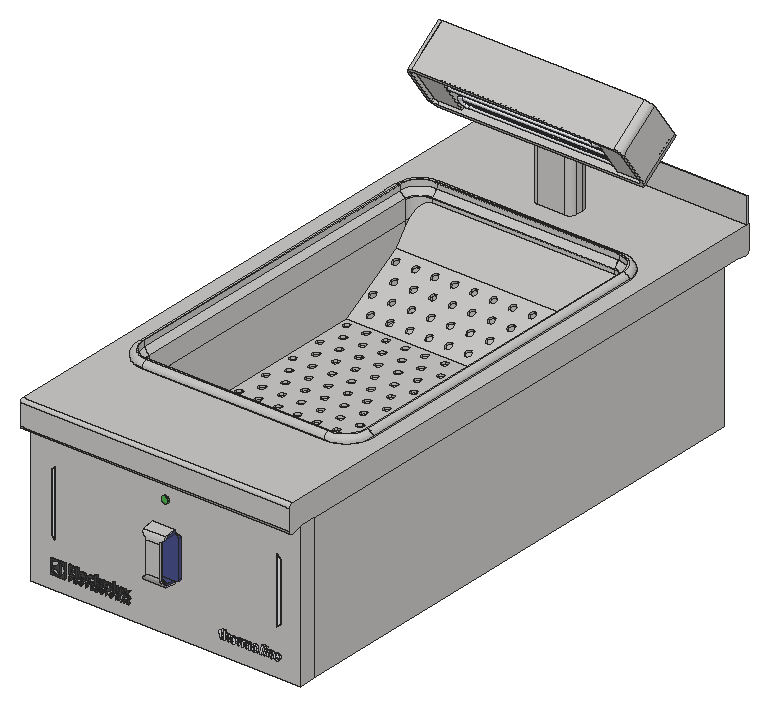
Revit family "QF_ELECTROLUXPROFESSIONAL_588556_MBYABBDOBO", category Attrezzature speciali, Revit 2020 (continued)
Lines and regions (mm)
  symbolic lines
    curve 367: circle (98.5, -488.15, 0) r 5 normal (0, 0, 1)
    curve 368: circle (127.5, -488.15, 0) r 5 normal (0, 0, 1)
    curve 369: circle (156.5, -488.15, 0) r 5 normal (0, 0, 1)
    curve 370: circle (185.5, -488.15, 0) r 5 normal (0, 0, 1)
    curve 371: circle (330.5, -488.15, 0) r 5 normal (0, 0, -1)
    curve 372: circle (301.5, -488.15, 0) r 5 normal (0, 0, -1)
    curve 373: circle (272.5, -488.15, 0) r 5 normal (0, 0, -1)
    curve 374: circle (243.5, -488.15, 0) r 5 normal (0, 0, -1)
    curve 375: circle (214.5, -488.15, 0) r 5 normal (0, 0, -1)
    curve 376: circle (55, -513.15, 0) r 5 normal (0, 0, 1)
    curve 377: circle (84, -513.15, 0) r 5 normal (0, 0, 1)
    curve 378: circle (113, -513.15, 0) r 5 normal (0, 0, 1)
    curve 379: circle (142, -513.15, 0) r 5 normal (0, 0, 1)
    curve 380: circle (171, -513.15, 0) r 5 normal (0, 0, 1)
    curve 381: circle (200, -513.15, 0) r 5 normal (0, 0, 1)
    curve 382: circle (345, -513.15, 0) r 5 normal (0, 0, -1)
    curve 383: circle (316, -513.15, 0) r 5 normal (0, 0, -1)
    curve 384: circle (287, -513.15, 0) r 5 normal (0, 0, -1)
    curve 385: circle (258, -513.15, 0) r 5 normal (0, 0, -1)
    curve 386: circle (229, -513.15, 0) r 5 normal (0, 0, -1)
    curve 387: circle (69.5, -538.15, 0) r 5 normal (0, 0, 1)
    curve 388: circle (98.5, -538.15, 0) r 5 normal (0, 0, 1)
    curve 389: circle (127.5, -538.15, 0) r 5 normal (0, 0, 1)
    curve 390: circle (156.5, -538.15, 0) r 5 normal (0, 0, 1)
    curve 391: circle (185.5, -538.15, 0) r 5 normal (0, 0, 1)
    curve 392: circle (330.5, -538.15, 0) r 5 normal (0, 0, -1)
    curve 393: circle (301.5, -538.15, 0) r 5 normal (0, 0, -1)
    curve 394: circle (272.5, -538.15, 0) r 5 normal (0, 0, -1)
    curve 395: circle (243.5, -538.15, 0) r 5 normal (0, 0, -1)
    curve 396: circle (214.5, -538.15, 0) r 5 normal (0, 0, -1)
Dimensions and locks
  plane 3 "LEFT" to plane 4 "RIGHT" = 400 mm
  locked: plane 5 "FRONT" to plane 1 "BACK" at 850
  plane 3 "LEFT" to plane 7 "Center (Left/Right)" to plane 4 "RIGHT" = 200 mm, 200 mm
  equal spacing: plane 5 "FRONT", plane 8, plane 1 "BACK"
  plane 6 "TOP" to level = 900 mm  (x2)
  plane 1 "BACK" to plane 9 = 150 mm
  plane 12 "EIY" to plane 1 "BACK" = 635 mm
  plane 13 to plane 6 "TOP" = 38 mm
  plane 10 to plane 1 "BACK" = 65 mm
  plane 5 "FRONT" to plane 11 = 60 mm
  locked: plane 6 "TOP" to plane 14 "BaseTop" at 250
  locked: plane 15 to plane 5 "FRONT" at 45
  plane 16 "Camino" to plane 1 "BACK" = 50 mm
  plane 17 "EIx" to plane 4 "RIGHT" = 45 mm
  plane 18 to plane 6 "TOP" = 204 mm
  aligned and locked: level to plane 2
  aligned and locked: cut or joined group of Extrusion 2, Extrusion 3, Extrusion 7, Extrusion 8 to plane 3 "LEFT"
  aligned and locked: cut or joined group of Extrusion 2, Extrusion 3, Extrusion 7, Extrusion 8 to plane 4 "RIGHT"
  aligned and locked: nested 1 to plane 15
  aligned and locked: Extrusion 1 to plane 15
  aligned and locked: Extrusion 4 to plane 3 "LEFT"
  aligned and locked: Extrusion 4 to plane 4 "RIGHT"
  aligned and locked: plane 3 "LEFT" to nested 1
Automatic sketch dimensions
  Extrusion 2 sketch curve to plane 5 "FRONT" = 0 mm
  Extrusion 2 sketch curve to plane 6 "TOP" = 0 mm
  Extrusion 2 sketch curve to plane 1 "BACK" = 0 mm
  Extrusion 2 sketch curve to Extrusion 2 sketch curve = 4 mm
  Extrusion 2 sketch curve to Extrusion 2 sketch curve = 0.695 mm
  Extrusion 2 sketch curve to plane 5 "FRONT" = 5 mm
  Extrusion 2 sketch curve to Extrusion 2 sketch curve = 15.305 mm
  plane 1 "BACK" to Extrusion 2 sketch curve = 20 mm
  plane 1 "BACK" to Extrusion 2 sketch curve = 4.695 mm
  plane 1 "BACK" to Extrusion 2 sketch curve = 4 mm
  Extrusion 2 sketch curve to Extrusion 2 sketch curve = 31 mm
  Extrusion 2 sketch curve to Extrusion 2 sketch curve = 36 mm
  Extrusion 2 sketch curve to Extrusion 2 sketch curve = 2.909 mm
  Extrusion 4 sketch curve to plane 6 "TOP" = 0 mm
  Extrusion 4 sketch curve to plane 13 = 0 mm
  Extrusion 4 sketch curve to plane 1 "BACK" = 0 mm
  Extrusion 4 sketch curve to Extrusion 4 sketch curve = 2 mm
  plane 21 "Serpentine" to Extrusion 22 sketch curve = 0 mm  (x4)
  Extrusion 22 sketch curve to plane 18 = 11.852 mm
  Extrusion 22 sketch curve to plane 18 = 18.405 mm
  Extrusion 22 sketch curve to plane 18 = 11.154 mm
  Extrusion 22 sketch curve to Extrusion 22 sketch curve = 3.381 mm  (x2)
  Extrusion 22 sketch curve to plane 18 = 28.235 mm
  Extrusion 22 sketch curve to plane 18 = 34.788 mm
  Extrusion 22 sketch curve to Extrusion 22 sketch curve = 7.25 mm
  plane 21 "Serpentine" to Extrusion 23 sketch curve = 0 mm  (x4)
  Extrusion 23 sketch curve to plane 18 = 11.852 mm
  Extrusion 23 sketch curve to plane 18 = 18.405 mm
  Extrusion 23 sketch curve to plane 18 = 11.154 mm
  Extrusion 23 sketch curve to Extrusion 23 sketch curve = 3.381 mm  (x2)
  Extrusion 23 sketch curve to plane 18 = 28.235 mm
  Extrusion 23 sketch curve to plane 18 = 34.788 mm
  Extrusion 23 sketch curve to Extrusion 23 sketch curve = 7.25 mm
  plane 21 "Serpentine" to Extrusion 24 sketch curve = 0 mm  (x4)
  Extrusion 24 sketch curve to plane 18 = 11.852 mm
  Extrusion 24 sketch curve to plane 18 = 18.405 mm
  Extrusion 24 sketch curve to plane 18 = 11.154 mm
  Extrusion 24 sketch curve to Extrusion 24 sketch curve = 3.381 mm  (x2)
  Extrusion 24 sketch curve to plane 18 = 28.235 mm
  Extrusion 24 sketch curve to plane 18 = 34.788 mm
  Extrusion 24 sketch curve to Extrusion 24 sketch curve = 7.25 mm
  curve 40 to curve 51 = 0 mm  (x2)
  curve 43 to curve 52 = 0 mm  (x2)
  curve 59 to curve 60 = 0 mm  (x2)
  curve 5 to plane 3 "LEFT" = 0 mm
  curve 5 to plane 4 "RIGHT" = 0 mm
  curve 37 to curve 36 = 9.723 mm
  plane 10 to curve 8 = 21.455 mm
  curve 36 to curve 38 = 8.167 mm
  curve 38 to curve 33 = 7.111 mm
  curve 8 to curve 6 = 10 mm
  curve 9 to curve 10 = 10 mm
  curve 32 to curve 58 = 4.028 mm
  curve 38 to curve 49 = 22.111 mm
  curve 58 to curve 60 = 0.972 mm
  curve 51 to curve 39 = 0.067 mm
  curve 9 to curve 15 = 28 mm
  curve 14 to plane 7 "Center (Left/Right)" = 46 mm
  curve 14 to curve 20 = 8 mm
  plane 7 "Center (Left/Right)" to curve 23 = 38 mm
  curve 24 to curve 29 = 8 mm
  curve 31 to plane 17 "EIx" = 33 mm
  curve 56 to plane 17 "EIx" = 20.001 mm
  curve 50 to plane 17 "EIx" = 20 mm
  curve 56 to curve 55 = 0.001 mm
  curve 43 to curve 41 = 0.11 mm
  curve 55 to curve 57 = 0.972 mm
  curve 6 to plane 17 "EIx" = 5 mm
  curve 10 to plane 17 "EIx" = 5 mm
  curve 33 to plane 17 "EIx" = 5 mm
  plane 17 "EIx" to curve 46 = 1.886 mm
  plane 17 "EIx" to curve 12 = 5 mm
  curve 46 to curve 45 = 8.391 mm
  curve 50 to plane 12 "EIY" = 70 mm
  curve 43 to curve 41 = 7.998 mm
  curve 46 to plane 9 = 41.314 mm
  curve 59 to plane 9 = 40 mm
  curve 37 to curve 59 = 0 mm
  curve 56 to curve 57 = 1.314 mm
  curve 56 to curve 45 = 1.314 mm
  curve 60 to curve 33 = 3.186 mm
  curve 8 to curve 59 = 8.158 mm
  curve 12 to curve 55 = 8.158 mm
  plane 9 to curve 10 = 20.527 mm
  curve 10 to curve 12 = 5.736 mm
  plane 9 to curve 25 = 28.825 mm
  curve 11 to curve 29 = 2.563 mm
  plane 9 to curve 14 = 28.825 mm
  curve 29 to curve 31 = 19.441 mm
  curve 14 to curve 15 = 19.441 mm
  curve 18 to curve 23 = 0 mm
  plane 10 to curve 35 = 21.455 mm
  curve 7 to curve 6 = 5.736 mm
  curve 38 to curve 60 = 0.115 mm
  plane 17 "EIx" to curve 56 = 1.045 mm
  curve 47 to plane 12 "EIY" = 6.837 mm
  curve 38 to curve 60 = 0 mm
  curve 9 to curve 9 = 5.736 mm
  curve 24 to curve 21 = 7.97 mm
  curve 14 to curve 16 = 7.97 mm
  curve 26 to curve 30 = 7.97 mm
  curve 21 to curve 22 = 3.502 mm
  curve 30 to curve 27 = 3.502 mm
  curve 16 to curve 17 = 3.502 mm
  plane 1 "BACK" to curve 5 = 2 mm
  Extrusion 1 sketch curve to plane 4 "RIGHT" = 0 mm
  Extrusion 1 sketch curve to plane 3 "LEFT" = 0 mm
  Extrusion 1 sketch curve to plane 15 = 0 mm
  Extrusion 1 sketch curve to plane 16 "Camino" = 5 mm
  plane 1 "BACK" to curve 1 = 0 mm
  curve 1 to plane 4 "RIGHT" = 0 mm
  curve 3 to plane 3 "LEFT" = 0 mm
  plane 5 "FRONT" to curve 3 = 0 mm
  plane 17 "EIx" to Extrusion 3 sketch curve = 2.043 mm
  Extrusion 3 sketch curve to plane 17 "EIx" = 20 mm  (x2)
  Extrusion 3 sketch curve to plane 9 = 17.957 mm
  plane 3 "LEFT" to Extrusion 3 sketch curve = 65 mm  (x2)
  Extrusion 3 sketch curve to plane 12 "EIY" = 30 mm
  Extrusion 3 sketch curve to Extrusion 3 sketch curve = 22.043 mm
  Extrusion 5 sketch curve to plane 12 "EIY" = 0 mm
  Extrusion 5 sketch curve to plane 17 "EIx" = 0 mm
  Sweep 6 sketch curve to plane 9 = 0 mm
  plane 17 "EIx" to Sweep 6 sketch curve = 20 mm
  Sweep 6 sketch curve to plane 17 "EIx" = 20 mm  (x2)
  plane 3 "LEFT" to Sweep 6 sketch curve = 65 mm  (x2)
  plane 3 "LEFT" to Sweep 6 sketch curve = 25 mm
  Sweep 6 sketch curve to plane 12 "EIY" = 30 mm
  Sweep 6 sketch curve to plane 6 "TOP" = 0 mm  (x2)
  profile plane to Sweep 6 sketch curve = 0 mm
  plane 6 "TOP" to Sweep 6 sketch curve = 8 mm
  Sweep 6 sketch curve to Sweep 6 sketch curve = 1.723 mm
  Sweep 6 sketch curve to Sweep 6 sketch curve = 8.282 mm
  Sweep 6 sketch curve to plane 6 "TOP" = 8.282 mm
  plane 17 "EIx" to Extrusion 7 sketch curve = 2.043 mm
  Extrusion 7 sketch curve to plane 17 "EIx" = 20 mm  (x2)
  Extrusion 7 sketch curve to plane 12 "EIY" = 30 mm
  plane 3 "LEFT" to Extrusion 7 sketch curve = 65 mm  (x2)
  Extrusion 7 sketch curve to plane 9 = 17.957 mm
  Extrusion 7 sketch curve to Extrusion 7 sketch curve = 22.043 mm
  plane 17 "EIx" to Extrusion 8 sketch curve = 12 mm
  Extrusion 8 sketch curve to plane 9 = 8 mm
  Extrusion 8 sketch curve to plane 17 "EIx" = 20 mm  (x2)
  plane 3 "LEFT" to Extrusion 8 sketch curve = 65 mm  (x2)
  Extrusion 8 sketch curve to Extrusion 8 sketch curve = 32 mm
  Extrusion 8 sketch curve to plane 12 "EIY" = 30 mm
  Extrusion 9 sketch curve to plane 19 "Fondo" = 0 mm
  Extrusion 9 sketch curve to plane 20 "Angle1" = 0 mm  (x2)
  plane 12 "EIY" to Extrusion 9 sketch curve = 84.744 mm
  Extrusion 9 sketch curve to plane 19 "Fondo" = 2 mm
  Extrusion 9 sketch curve to Extrusion 9 sketch curve = 0.536 mm  (x2)
  Extrusion 9 sketch curve to plane 12 "EIY" = 6.837 mm
  Extrusion 9 sketch curve to Extrusion 9 sketch curve = 1.337 mm  (x2)
  Extrusion 9 sketch curve to plane 6 "TOP" = 8.282 mm
  Extrusion 9 sketch curve to plane 12 "EIY" = 52.043 mm
  plane 19 "Fondo" to Extrusion 9 sketch curve = 53.072 mm
  Extrusion 9 sketch curve to plane 9 = 17.957 mm
  plane 19 "Fondo" to Extrusion 9 sketch curve = 51.337 mm
  Extrusion 9 sketch curve to Extrusion 9 sketch curve = 1.538 mm  (x2)
  Extrusion 9 sketch curve to plane 6 "TOP" = 18.171 mm
  Extrusion 9 sketch curve to Extrusion 9 sketch curve = 3.249 mm  (x2)
  Extrusion 10 sketch curve to plane 7 "Center (Left/Right)" = 0 mm  (x5)
  plane 7 "Center (Left/Right)" to Extrusion 10 sketch curve = 14.5 mm  (x5)
  plane 8 to Extrusion 10 sketch curve = 11.85 mm  (x11)
  Extrusion 10 sketch curve to Extrusion 10 sketch curve = 14.5 mm  (x80)
  Extrusion 10 sketch curve to plane 8 = 13.15 mm  (x10)
  Extrusion 10 sketch curve to plane 17 "EIx" = 24.5 mm  (x5)
  Extrusion 10 sketch curve to plane 17 "EIx" = 10 mm  (x5)
  Extrusion 10 sketch curve to plane 7 "Center (Left/Right)" = 14.5 mm  (x5)
  Extrusion 10 sketch curve to Extrusion 10 sketch curve = 25 mm  (x84)
  Extrusion 11 sketch curve to plane 7 "Center (Left/Right)" = 0 mm  (x2)
  plane 7 "Center (Left/Right)" to Extrusion 11 sketch curve = 14.5 mm  (x2)
  Extrusion 11 sketch curve to Extrusion 11 sketch curve = 14.5 mm  (x32)
  Extrusion 11 sketch curve to plane 17 "EIx" = 24.5 mm  (x2)
  Extrusion 11 sketch curve to plane 17 "EIx" = 10 mm  (x2)
  Extrusion 11 sketch curve to plane 7 "Center (Left/Right)" = 14.5 mm  (x2)
  Extrusion 11 sketch curve to Extrusion 11 sketch curve = 0 mm  (x10)
  Extrusion 11 sketch curve to Extrusion 11 sketch curve = 25 mm  (x31)
  Extrusion 12 sketch curve to plane 7 "Center (Left/Right)" = 0 mm  (x2)
  plane 7 "Center (Left/Right)" to Extrusion 12 sketch curve = 14.5 mm  (x2)
  Extrusion 12 sketch curve to Extrusion 12 sketch curve = 14.5 mm  (x32)
  Extrusion 12 sketch curve to plane 17 "EIx" = 24.5 mm  (x2)
  Extrusion 12 sketch curve to plane 17 "EIx" = 10 mm  (x2)
  Extrusion 12 sketch curve to plane 7 "Center (Left/Right)" = 14.5 mm  (x2)
  Extrusion 12 sketch curve to Extrusion 12 sketch curve = 0 mm  (x9)
  Extrusion 12 sketch curve to Extrusion 12 sketch curve = 25 mm  (x32)
  plane 7 "Center (Left/Right)" to Extrusion 13 sketch curve = 30 mm
  Extrusion 13 sketch curve to Extrusion 13 sketch curve = 10 mm  (x4)
  Extrusion 13 sketch curve to plane 7 "Center (Left/Right)" = 20 mm
  Extrusion 13 sketch curve to Extrusion 13 sketch curve = 0 mm
  plane 10 to Extrusion 13 sketch curve = 19.995 mm
  Extrusion 14 sketch curve to Extrusion 14 sketch curve = 0 mm  (x8)
  plane 22 "Serpentine90" to Extrusion 14 sketch curve = 0 mm
  Extrusion 14 sketch curve to plane 22 "Serpentine90" = 4 mm
  Extrusion 14 sketch curve to Extrusion 14 sketch curve = 6 mm  (x3)
  plane 3 "LEFT" to Extrusion 14 sketch curve = 50 mm
  Extrusion 14 sketch curve to Extrusion 14 sketch curve = 65 mm  (x2)
  Extrusion 14 sketch curve to plane 17 "EIx" = 5 mm
  Extrusion 15 sketch curve to plane 17 "EIx" = 39 mm
  Extrusion 15 sketch curve to plane 22 "Serpentine90" = 81 mm  (x2)
  Extrusion 15 sketch curve to Extrusion 15 sketch curve = 6 mm  (x2)
  Extrusion 15 sketch curve to plane 22 "Serpentine90" = 10 mm  (x2)
  Extrusion 15 sketch curve to plane 22 "Serpentine90" = 4 mm  (x2)
  plane 3 "LEFT" to Extrusion 15 sketch curve = 84 mm
  Extrusion 15 sketch curve to Extrusion 15 sketch curve = 34 mm
  Extrusion 15 sketch curve to plane 17 "EIx" = 5 mm
  plane 22 "Serpentine90" to Extrusion 16 sketch curve = 0 mm  (x2)
  plane 9 to Extrusion 16 sketch curve = 33.669 mm
  plane 10 to Extrusion 16 sketch curve = 19.377 mm
  Extrusion 17 sketch curve to Extrusion 17 sketch curve = 0 mm  (x8)
  plane 22 "Serpentine90" to Extrusion 17 sketch curve = 0 mm
  Extrusion 17 sketch curve to plane 22 "Serpentine90" = 4 mm
  Extrusion 17 sketch curve to Extrusion 17 sketch curve = 6 mm  (x3)
  plane 3 "LEFT" to Extrusion 17 sketch curve = 50 mm
  Extrusion 17 sketch curve to Extrusion 17 sketch curve = 65 mm  (x2)
  Extrusion 17 sketch curve to plane 17 "EIx" = 5 mm
  plane 3 "LEFT" to Extrusion 18 sketch curve = 50 mm
  Extrusion 18 sketch curve to plane 22 "Serpentine90" = 81 mm
  Extrusion 18 sketch curve to Extrusion 18 sketch curve = 6 mm  (x2)
  plane 17 "EIx" to Extrusion 18 sketch curve = 1 mm
  Extrusion 18 sketch curve to plane 22 "Serpentine90" = 10 mm  (x2)
  Extrusion 18 sketch curve to plane 22 "Serpentine90" = 4 mm
  Extrusion 19 sketch curve to Extrusion 19 sketch curve = 0 mm  (x8)
  plane 22 "Serpentine90" to Extrusion 19 sketch curve = 0 mm
  Extrusion 19 sketch curve to plane 22 "Serpentine90" = 4 mm
  Extrusion 19 sketch curve to Extrusion 19 sketch curve = 6 mm  (x3)
  plane 3 "LEFT" to Extrusion 19 sketch curve = 50 mm
  Extrusion 19 sketch curve to Extrusion 19 sketch curve = 65 mm  (x2)
  Extrusion 19 sketch curve to plane 17 "EIx" = 5 mm
  Sweep 20 sketch curve to plane 22 "Serpentine90" = 72.123 mm
  Sweep 20 sketch curve to Sweep 20 sketch curve = 10 mm
  Sweep 20 sketch curve to plane 17 "EIx" = 56 mm
  plane 3 "LEFT" to Sweep 20 sketch curve = 84 mm
  Sweep 20 sketch curve to Sweep 20 sketch curve = 0 mm
  profile plane to Sweep 20 sketch curve = 0 mm
  plane 21 "Serpentine" to Sweep 20 sketch curve = 61.931 mm
  Sweep 21 sketch curve to plane 22 "Serpentine90" = 37.123 mm
  Sweep 21 sketch curve to Sweep 21 sketch curve = 10 mm
  Sweep 21 sketch curve to plane 7 "Center (Left/Right)" = 99 mm
  Sweep 21 sketch curve to plane 17 "EIx" = 39 mm
  Sweep 21 sketch curve to Sweep 21 sketch curve = 0 mm
  Sweep 21 sketch curve to profile plane = 0 mm
  profile plane to Sweep 21 sketch curve = 59.479 mm
  curve 37 to curve 32 = 15 mm
  curve 54 to curve 38 = 17.82 mm
  plane 12 "EIY" to curve 48 = 84.744 mm
  plane 3 "LEFT" to curve 37 = 25 mm
  curve 53 to curve 54 = 91.924 mm
  radius of Extrusion 5 sketch curve = 10.1 mm
  radius of Extrusion 10 sketch curve = 5 mm  (x105)
  radius of Extrusion 11 sketch curve = 5 mm  (x42)
  radius of Extrusion 12 sketch curve = 5 mm  (x42)
  radius of Sweep 20 sketch curve = 2.5 mm
  radius of Sweep 21 sketch curve = 2.5 mm
Nested families
  nested 1: "Front_Panel_W400_One Knob_1SpiaCenter" at (52.376, -805, 0), type "Front_Panel_W400_One Knob_1SpiaCenter"
Connectors
  electrical at (355, -635, 640), driven by "Volts"
    settings: on Extrusion 5, index 1, voltage 230 V, apparent load 0 VA, apparent load phase1 0 VA, apparent load phase2 0 VA, apparent load phase3 0 VA, power factor 1, load classification "Other", number of poles 1, system type 30, power factor state 1, is connector primary yes, connector utility no, sub classification motor no, connector description "Electrical Connection"
Definition of nested family "Front_Panel_W400_One Knob_1SpiaCenter"
  Parameters
    Default Elevation = 0 mm
  Reference planes
    plane 1 "Center (Front/Back)": y = 0
    plane 2: z = 0
    plane 3 "Center (Left/Right)": x = 147.624
    plane 4 "Left": x = -52.376
    plane 5 "Right": x = 347.624
    plane 6: y = -45
    plane 7 "Panel": y = -25
    plane 8: x = 317.624
    plane 9: x = -22.376
  Forms (mm)
    Extrusion 1, solid
      sketch origin (833.217, 829.203, -1.25) x (0, 1, 0) y (0, 0, 1)
        loop
          line (-854.203, 651.25) -> (-829.203, 651.25) -> (-829.203, 864.25) -> (-854.203, 864.25) -> (-854.203, 651.25)
      from -885.593 to -485.593
    Extrusion 2, solid
      sketch origin (181.586, -25, 1.163) x (0, 0, 1) y (-1, 0, 0)
        loop
          circle (827.42, 33.961) r 5
      from 0 to 1.7
    Extrusion 3, solid
      sketch origin (0, -25, -10) x (0, 0, 1) y (-1, 0, 0)
        loop
          line (726.866, -312.624) -> (731.866, -317.624) -> (818.866, -317.624) -> (823.866, -312.624) -> (726.866, -312.624)
        loop
          line (726.866, 17.376) -> (823.866, 17.376) -> (818.866, 22.376) -> (731.866, 22.376) -> (726.866, 17.376)
      from 0 to -2
    Extrusion 4, void
      sketch origin (0, -25, -10) x (0, 0, 1) y (-1, 0, 0)
        loop
          line (726.866, -312.624) -> (731.866, -317.624) -> (818.866, -317.624) -> (823.866, -312.624) -> (726.866, -312.624)
        loop
          line (726.866, 17.376) -> (823.866, 17.376) -> (818.866, 22.376) -> (731.866, 22.376) -> (726.866, 17.376)
      from 0 to -2
  Cuts and joins
    Extrusion 4 cuts Extrusion 1
  Dimensions and locks
    equal spacing: plane 5 "Right", plane 3 "Center (Left/Right)", plane 4 "Left"
    plane 5 "Right" to plane 4 "Left" = 400 mm
    plane 9 to plane 4 "Left" = 30 mm
    plane 5 "Right" to plane 8 = 30 mm
    aligned and locked: cut or joined group of Extrusion 1, Extrusion 4 to plane 4 "Left"
    aligned and locked: plane 5 "Right" to cut or joined group of Extrusion 1, Extrusion 4
  Automatic sketch dimensions
    Extrusion 1 sketch curve to plane 7 "Panel" = 0 mm
    Extrusion 1 sketch curve to plane 1 "Center (Front/Back)" = 0 mm
    level to Extrusion 1 sketch curve = 650 mm
    Extrusion 1 sketch curve to Extrusion 1 sketch curve = 213 mm
    Extrusion 2 sketch curve to plane 3 "Center (Left/Right)" = 0 mm
    level to Extrusion 2 sketch curve = 828.582 mm
    Extrusion 3 sketch curve to plane 8 = 0 mm
    Extrusion 3 sketch curve to plane 9 = 0 mm
    Extrusion 3 sketch curve to plane 8 = 5 mm
    level to Extrusion 3 sketch curve = 716.866 mm
    plane 9 to Extrusion 3 sketch curve = 5 mm
    Extrusion 3 sketch curve to Extrusion 3 sketch curve = 0 mm
    Extrusion 3 sketch curve to Extrusion 3 sketch curve = 5 mm  (x4)
    Extrusion 3 sketch curve to Extrusion 3 sketch curve = 87 mm  (x2)
    Extrusion 4 sketch curve to plane 8 = 0 mm
    Extrusion 4 sketch curve to plane 9 = 0 mm
    Extrusion 4 sketch curve to plane 8 = 5 mm
    level to Extrusion 4 sketch curve = 716.866 mm
    plane 9 to Extrusion 4 sketch curve = 5 mm
    Extrusion 4 sketch curve to Extrusion 4 sketch curve = 0 mm
    Extrusion 4 sketch curve to Extrusion 4 sketch curve = 5 mm  (x4)
    Extrusion 4 sketch curve to Extrusion 4 sketch curve = 87 mm  (x2)
    radius of Extrusion 2 sketch curve = 5 mm
  Nested families
    nested 1: "Range Control Handle" at (147.624, -28.137, -209.113) x (-1, 0, 0) z (0, 0, 1), type ""
    nested 2: "ELX_ThermaLine_Small" at (269.031, -25, 679.326) x (1, 0, 0) z (0, -1, 0), type "ELX_ThermaLine_Small"
      with Show Logo yes, Material_Logo none
    nested 3: "ELX_Professional_Logo_Small" at (37.11, -25, 681.559) x (1, 0, 0) z (0, -1, 0), type "ELX_Professional_Logo_Small"
      with Show Logo yes, Material_Logo none
  Definition of nested family "Range Control Handle"
    Parameters
      Default Elevation = 0 mm
    Reference planes
      plane 1 "Center (Front/Back)": y = 0
      plane 2: z = 0
      plane 3 "Center (Left/Right)": x = 0
      plane 4: z = 971.092
      plane 5: y = -16.9
    Forms (mm)
      Extrusion 1, solid
        sketch origin (-746.28, 380.497, 208.931) x (-1, 0, 0) y (0, 0, 1)
          loop
            line (-770.101, 786.798) -> (-770.101, 731.649)
            arc (-770.101, 731.649) -> (-769.759, 730.563) -> (-768.855, 729.87) r 1.893
            line (-768.855, 729.87) -> (-763.474, 727.911) -> (-729.81, 727.911) -> (-724.428, 729.87)
            arc (-724.428, 729.87) -> (-723.525, 730.563) -> (-723.183, 731.649) r 1.893
            line (-723.183, 731.649) -> (-723.183, 786.798)
            arc (-723.183, 786.798) -> (-723.529, 787.894) -> (-724.44, 788.593) r 1.91
            line (-724.44, 788.593) -> (-729.683, 790.819) -> (-763.601, 790.819) -> (-768.844, 788.593)
            arc (-768.844, 788.593) -> (-769.755, 787.894) -> (-770.101, 786.798) r 1.91
        from -382.35 to -378.852
      Sweep 2, solid
        path origin (-746.788, 380.496, 208.091) x (0, -1, 0) y (0, 0, 1)
          loop
            line (379.775, 793.281) -> (395.661, 791.048)
            arc (395.661, 791.048) -> (397.781, 787.377) -> (398.517, 783.202) r 12.207
            line (398.517, 783.202) -> (398.517, 737.368)
            arc (398.517, 737.368) -> (397.781, 733.193) -> (395.661, 729.522) r 12.207
            line (395.661, 729.522) -> (379.775, 727.289)
        profile origin (-746.788, -7.222, 1000.256) x (0, -0.139173, 0.990268) y (-1, 0, 0)
          loop
            line (0.782, -763.123) -> (0.782, -730.907) -> (-1.322, -730.907) -> (-1.322, -763.123) -> (0.782, -763.123)
      Sweep 3, solid
        path origin (-746.788, 380.715, 207.832) x (0, -1, 0) y (0, 0, 1)
          loop
            line (380.478, 795.442) -> (397.218, 793.09)
            arc (397.218, 793.09) -> (399.929, 788.473) -> (400.871, 783.202) r 15.207
            line (400.871, 783.202) -> (400.871, 737.584)
            arc (400.871, 737.584) -> (399.914, 732.274) -> (397.164, 727.633) r 15.207
            line (397.164, 727.633) -> (380.601, 725.305)
        profile origin (-746.788, -8.132, 1002.099) x (0, -0.139173, 0.990268) y (-1, 0, 0)
          loop
            line (0.782, -763.123) -> (0.782, -730.907) -> (-1.322, -730.907) -> (-1.322, -763.123) -> (0.782, -763.123)
      Extrusion 4, void
        sketch origin (889.253, 220.666, 207.993) x (1, 0, 0) y (0, 0, 1)
          loop
            line (-943.038, 816.854) -> (-943.038, 703.686) -> (-899.466, 734.196) -> (-899.466, 786.344) -> (-943.038, 816.854)
        from 230.636 to 242.25
      Extrusion 5, void
        sketch origin (-888.8, 220.666, 207.993) x (-1, 0, 0) y (0, 0, -1)
          loop
            line (-943.038, -816.854) -> (-899.466, -786.344) -> (-899.466, -734.196) -> (-943.038, -703.686) -> (-943.038, -816.854)
        from 230.636 to 242.25
      Extrusion 6, solid
        sketch origin (0, 0, 0) x (1, 0, 0) y (0, 0, 1)
          loop
            circle (0, 971.092) r 7.736
        from -3.137 to -1.645
    Cuts and joins
      Extrusion 4, Extrusion 5 cuts Sweep 3
      Extrusion 4, Extrusion 5 cuts Sweep 2
      joined: Extrusion 1, Extrusion 6
    Lines and regions (mm)
      symbolic lines
        curve 1: line (16.334, -16.9, 0) -> (16.334, -19.227, 0)
        curve 2: spline (16.334, -19.227, 0) -> (15.87, -19.385, 0) -> (15.404, -19.536, 0) -> (14.936, -19.678, 0) -> (14.466, -19.813, 0) -> (13.995, -19.94, 0) -> (13.523, -20.059, 0) -> (13.049, -20.171, 0) -> (12.575, -20.274, 0) -> (12.099, -20.37, 0) -> (11.622, -20.458, 0) -> (11.144, -20.537, 0) -> (10.666, -20.609, 0)
        curve 3: line (10.666, -16.9, 0) -> (10.666, -20.938, 0)
        curve 4: line (-10.213, -20.938, 0) -> (10.666, -20.938, 0)
        curve 5: line (-10.213, -20.938, 0) -> (-10.213, -16.9, 0)
        curve 6: spline (-10.213, -20.609, 0) -> (-10.691, -20.537, 0) -> (-11.169, -20.458, 0) -> (-11.646, -20.37, 0) -> (-12.122, -20.274, 0) -> (-12.597, -20.171, 0) -> (-13.07, -20.059, 0) -> (-13.542, -19.94, 0) -> (-14.013, -19.813, 0) -> (-14.483, -19.678, 0) -> (-14.951, -19.536, 0) -> (-15.417, -19.385, 0) -> (-15.881, -19.227, 0)
        curve 7: line (-15.881, -19.227, 0) -> (-15.881, -16.9, 0)
  Definition of nested family "ELX_ThermaLine_Small"
    Parameters
      Show Logo [instance] = yes
      Material_Logo [instance] = none
      Default Elevation = 0 mm
    Reference planes
      plane 1 "Centro (Fronte/Retro)": y = 0
      plane 2: z = 0
      plane 3 "Centro (Sinistra/Destra)": x = 0
    Forms (mm)
      Extrusion 1, solid
        sketch origin (0, 0, 0) x (1, 0, 0) y (0, 1, 0)
          loop
            line (-1219.2, 1219.2) -> (-1219.2, -1219.2) -> (1219.2, -1219.2) -> (1219.2, 1219.2) -> (-1219.2, 1219.2)
        from 0 to -304.8
      Extrusion 2, solid
        sketch origin (0, 0, 0) x (1, 0, 0) y (0, 1, 0)
          loop
            line (-37.494, 1.229) -> (-35.908, 1.229) -> (-35.908, 3.066) -> (-37.494, 3.066) -> (-37.494, 6.221) -> (-39.867, 4.881) -> (-39.867, 3.066) -> (-40.969, 3.066) -> (-40.969, 1.229) -> (-39.867, 1.229) -> (-39.867, -3.407)
            arc (-39.867, -3.407) -> (-38.982, -5.513) -> (-36.751, -6.001) r 2.478
            line (-36.751, -6.001) -> (-35.638, -5.7) -> (-35.9, -3.835) -> (-36.661, -4.039)
            arc (-36.661, -4.039) -> (-37.236, -3.924) -> (-37.494, -3.399) r 0.662
            line (-37.494, -3.399) -> (-37.494, 1.229)
          loop
            line (-34.242, 6.539) -> (-34.242, -5.848) -> (-31.854, -5.848) -> (-31.854, -0.078)
            arc (-31.854, -0.078) -> (-30.939, 1.249) -> (-29.33, 1.367) r 1.866
            arc (-29.33, 1.367) -> (-28.695, 0.768) -> (-28.461, -0.073) r 1.627
            line (-28.461, -0.073) -> (-28.461, -5.848) -> (-26.086, -5.848) -> (-26.064, -0.46)
            arc (-26.064, -0.46) -> (-26.261, 0.932) -> (-26.786, 2.237) r 5.825
            arc (-26.786, 2.237) -> (-29.381, 3.264) -> (-31.854, 1.971) r 3.353
            line (-31.854, 1.971) -> (-31.854, 6.539) -> (-34.242, 6.539)
          loop
            arc (-18.398, -0.598) -> (-18.893, 0.879) -> (-20.326, 1.487) r 1.897
            arc (-20.326, 1.487) -> (-21.461, 0.708) -> (-21.897, -0.598) r 2.164
            line (-21.897, -0.598) -> (-18.398, -0.598)
          loop
            arc (-16.021, -2.044) -> (-16.754, 1.227) -> (-19.444, 3.226) r 4.814
            arc (-19.444, 3.226) -> (-22.137, 2.788) -> (-23.943, 0.743) r 4.054
            arc (-23.943, 0.743) -> (-24.382, -1.249) -> (-24.162, -3.276) r 6.289
            arc (-24.162, -3.276) -> (-23.302, -4.71) -> (-21.958, -5.705) r 4.28
            arc (-21.958, -5.705) -> (-18.558, -5.814) -> (-16.152, -3.409) r 4.28
            line (-16.152, -3.409) -> (-18.5, -2.995)
            arc (-18.5, -2.995) -> (-19.273, -3.994) -> (-20.533, -4.076) r 1.536
            arc (-20.533, -4.076) -> (-21.56, -3.281) -> (-21.958, -2.044) r 2.197
            line (-21.958, -2.044) -> (-16.021, -2.044)
          loop
            line (-14.165, -5.848) -> (-11.819, -5.848) -> (-11.819, -2.138)
            arc (-11.819, -2.138) -> (-11.787, -1.156) -> (-11.637, -0.185) r 8.18
            arc (-11.637, -0.185) -> (-10.644, 0.972) -> (-9.132, 0.776) r 1.603
            line (-9.132, 0.776) -> (-8.419, 2.846)
            arc (-8.419, 2.846) -> (-10.432, 3.118) -> (-11.994, 1.821) r 2.527
            line (-11.994, 1.821) -> (-11.994, 3.094) -> (-14.165, 3.094) -> (-14.165, -5.848)
          loop
            line (-7.579, 3.094) -> (-7.579, -5.848) -> (-5.178, -5.848) -> (-5.178, -0.756)
            arc (-5.178, -0.756) -> (-4.727, 0.679) -> (-3.417, 1.419) r 2.05
            arc (-3.417, 1.419) -> (-2.499, 0.908) -> (-2.155, -0.085) r 1.471
            line (-2.155, -0.085) -> (-2.155, -5.848) -> (0.23, -5.848) -> (0.23, -1.001)
            arc (0.23, -1.001) -> (0.47, 0.127) -> (1.148, 1.061) r 2.775
            arc (1.148, 1.061) -> (2.225, 1.329) -> (3.05, 0.587) r 1.182
            arc (3.05, 0.587) -> (3.199, -0.019) -> (3.214, -0.642) r 2.894
            line (3.214, -0.642) -> (3.214, -5.848) -> (5.601, -5.848) -> (5.601, 0.261)
            arc (5.601, 0.261) -> (4.87, 2.263) -> (2.976, 3.241) r 2.932
            arc (2.976, 3.241) -> (1.284, 2.973) -> (-0.047, 1.896) r 3.309
            arc (-0.047, 1.896) -> (-1.116, 2.865) -> (-2.506, 3.258) r 3.16
            arc (-2.506, 3.258) -> (-4.105, 2.942) -> (-5.376, 1.92) r 3.419
            line (-5.376, 1.92) -> (-5.376, 3.094) -> (-7.579, 3.094)
          loop
            line (7.583, 0.738) -> (9.702, 0.364)
            arc (9.702, 0.364) -> (11.441, 1.492) -> (12.855, -0.023) r 1.613
            line (12.855, -0.023) -> (9.782, -0.789)
            arc (9.782, -0.789) -> (8.559, -1.346) -> (7.617, -2.305) r 3.687
            arc (7.617, -2.305) -> (7.499, -3.681) -> (7.901, -5.003) r 3.651
            arc (7.901, -5.003) -> (9.107, -5.766) -> (10.515, -6.006) r 3.635
            arc (10.515, -6.006) -> (11.898, -5.697) -> (13.067, -4.895) r 3.734
            line (13.067, -4.895) -> (13.376, -5.848) -> (15.75, -5.848) -> (15.212, -4.193) -> (15.212, 0.38)
            arc (15.212, 0.38) -> (14.897, 1.849) -> (13.818, 2.895) r 2.585
            arc (13.818, 2.895) -> (11.792, 3.442) -> (9.719, 3.11) r 5.005
            arc (9.719, 3.11) -> (8.369, 2.178) -> (7.583, 0.738) r 3.54
          loop
            line (19.723, -5.848) -> (22.233, -5.848) -> (24.854, 6.484) -> (22.345, 6.484) -> (19.723, -5.848)
          loop
            line (24.583, -5.848) -> (26.953, -5.848) -> (28.848, 3.066) -> (26.478, 3.066) -> (24.583, -5.848)
          loop
            line (27.204, 6.484) -> (26.741, 4.305) -> (29.111, 4.305) -> (29.575, 6.484) -> (27.204, 6.484)
          loop
            line (29.355, -5.848) -> (31.849, -5.848) -> (33.098, 0.028)
            arc (33.098, 0.028) -> (34.169, 1.306) -> (35.832, 1.422) r 2.132
            arc (35.832, 1.422) -> (36.324, 0.752) -> (36.383, -0.078) r 1.5
            line (36.383, -0.078) -> (35.157, -5.848) -> (37.536, -5.848) -> (38.936, 0.738)
            arc (38.936, 0.738) -> (38.775, 2.091) -> (37.825, 3.066) r 2.118
            arc (37.825, 3.066) -> (35.392, 3.175) -> (33.295, 1.937) r 4.271
            line (33.295, 1.937) -> (33.535, 3.066) -> (31.25, 3.066) -> (29.355, -5.848)
          loop
            line (42.792, -0.64) -> (46.589, -0.64)
            arc (46.589, -0.64) -> (46.639, 0.124) -> (46.327, 0.823) r 1.589
            arc (46.327, 0.823) -> (45.117, 1.521) -> (43.762, 1.183) r 1.865
            arc (43.762, 1.183) -> (43.141, 0.344) -> (42.792, -0.64) r 3.538
          loop
            line (42.565, -2.138) -> (48.593, -2.138)
            arc (48.593, -2.138) -> (48.58, 0.597) -> (46.983, 2.818) r 4.494
            arc (46.983, 2.818) -> (44.191, 3.28) -> (41.725, 1.891) r 4.26
            arc (41.725, 1.891) -> (40.503, -0.3) -> (40.284, -2.799) r 6.003
            arc (40.284, -2.799) -> (40.959, -4.468) -> (42.377, -5.576) r 3.482
            arc (42.377, -5.576) -> (44.265, -5.961) -> (46.152, -5.576) r 4.823
            arc (46.152, -5.576) -> (47.432, -4.731) -> (48.328, -3.485) r 4.245
            line (48.328, -3.485) -> (46.168, -3.105)
            arc (46.168, -3.105) -> (45.214, -4.072) -> (43.859, -4.181) r 1.953
            arc (43.859, -4.181) -> (42.821, -3.408) -> (42.565, -2.138) r 1.81
          loop
            line (12.868, -1.553) -> (10.216, -2.214)
            arc (10.216, -2.214) -> (9.747, -3.136) -> (10.216, -4.058) r 1.14
            arc (10.216, -4.058) -> (11.537, -4.249) -> (12.614, -3.46) r 1.763
            arc (12.614, -3.46) -> (12.858, -2.522) -> (12.868, -1.553) r 3.97
        from 0 to 1.6
    Dimensions and locks
      aligned and locked: plane 2 to Extrusion 1
      aligned and locked: level to Extrusion 1
  Definition of nested family "ELX_Professional_Logo_Small"
    Parameters
      Show Logo [instance] = yes
      Material_Logo [instance] = none
      Default Elevation = 0 mm
    Reference planes
      plane 1 "Centro (Fronte/Retro)": y = 0
      plane 2: z = 0
      plane 3 "Centro (Sinistra/Destra)": x = 0
    Forms (mm)
      Extrusion 1, solid
        sketch origin (0, 0, 0) x (1, 0, 0) y (0, 1, 0)
          loop
            line (-1219.2, 1219.2) -> (-1219.2, -1219.2) -> (1219.2, -1219.2) -> (1219.2, 1219.2) -> (-1219.2, 1219.2)
        from 0 to -304.8
      Extrusion 2, solid, material <- "Material_Logo"
        sketch origin (15.5, 0, 0) x (1, 0, 0) y (0, 1, 0)
          loop
            spline (-42.99, -1.24) -> (-43.195, -1.231) -> (-43.415, -1.203) -> (-43.642, -1.152) -> (-43.87, -1.074) -> (-44.095, -0.966) -> (-44.309, -0.825) -> (-44.506, -0.647) -> (-44.681, -0.429) -> (-44.828, -0.167) -> (-44.94, 0.142) -> (-45.011, 0.501) -> (-45.037, 0.915)
            line (-45.037, 0.915) -> (-45.037, 2.748) -> (-38.984, 2.748) -> (-38.984, 5.086) -> (-45.038, 5.086) -> (-45.038, 8.489) -> (-38.599, 8.489) -> (-38.599, 10.82) -> (-47.515, 10.82) -> (-47.515, 1.021)
            spline (-47.515, 1.021) -> (-47.493, 0.418) -> (-47.425, -0.15) -> (-47.311, -0.682) -> (-47.15, -1.175) -> (-46.939, -1.628) -> (-46.678, -2.038) -> (-46.365, -2.404) -> (-46, -2.723) -> (-45.58, -2.995) -> (-45.105, -3.216) -> (-44.573, -3.385) -> (-43.983, -3.499)
            line (-43.983, -3.499) -> (-43.01, -3.569) -> (-38.426, -3.569) -> (-38.426, -1.24) -> (-42.99, -1.24)
          loop
            line (-36.666, 4.021) -> (-36.666, -3.573) -> (-34.188, -3.573) -> (-34.188, 10.824) -> (-36.666, 10.824) -> (-36.666, 4.021)
          loop
            spline (-21.915, 1.897) -> (-21.957, 2.615) -> (-22.082, 3.303) -> (-22.285, 3.955) -> (-22.563, 4.564) -> (-22.913, 5.124) -> (-23.331, 5.629) -> (-23.814, 6.074) -> (-24.359, 6.451) -> (-24.961, 6.755) -> (-25.618, 6.98) -> (-26.326, 7.119) -> (-27.081, 7.167)
            spline (-27.081, 7.167) -> (-27.853, 7.122) -> (-28.586, 6.99) -> (-29.275, 6.774) -> (-29.915, 6.478) -> (-30.5, 6.104) -> (-31.024, 5.657) -> (-31.483, 5.138) -> (-31.871, 4.553) -> (-32.182, 3.904) -> (-32.411, 3.194) -> (-32.552, 2.427) -> (-32.6, 1.606)
            spline (-32.6, 1.606) -> (-32.553, 0.805) -> (-32.416, 0.057) -> (-32.193, -0.637) -> (-31.887, -1.271) -> (-31.504, -1.843) -> (-31.048, -2.35) -> (-30.523, -2.788) -> (-29.934, -3.154) -> (-29.284, -3.444) -> (-28.579, -3.656) -> (-27.822, -3.785) -> (-27.019, -3.829)
            spline (-27.019, -3.829) -> (-26.627, -3.82) -> (-26.239, -3.79) -> (-25.856, -3.739) -> (-25.477, -3.663) -> (-25.103, -3.562) -> (-24.734, -3.432) -> (-24.369, -3.273) -> (-24.01, -3.082) -> (-23.655, -2.858) -> (-23.305, -2.597) -> (-22.96, -2.299) -> (-22.621, -1.962)
            line (-22.621, -1.962) -> (-24.114, -0.509)
            spline (-24.114, -0.509) -> (-24.311, -0.699) -> (-24.509, -0.872) -> (-24.71, -1.03) -> (-24.915, -1.172) -> (-25.126, -1.297) -> (-25.346, -1.407) -> (-25.576, -1.5) -> (-25.817, -1.576) -> (-26.072, -1.636) -> (-26.342, -1.678) -> (-26.629, -1.704) -> (-26.936, -1.713)
            spline (-26.936, -1.713) -> (-27.384, -1.691) -> (-27.805, -1.625) -> (-28.196, -1.518) -> (-28.556, -1.372) -> (-28.882, -1.187) -> (-29.174, -0.966) -> (-29.429, -0.71) -> (-29.645, -0.422) -> (-29.821, -0.102) -> (-29.955, 0.247) -> (-30.045, 0.623) -> (-30.089, 1.026)
            line (-30.089, 1.026) -> (-21.956, 1.026) -> (-21.915, 1.897)
          loop
            spline (-24.446, 2.769) -> (-24.47, 3.075) -> (-24.54, 3.37) -> (-24.654, 3.65) -> (-24.807, 3.913) -> (-24.996, 4.156) -> (-25.219, 4.376) -> (-25.472, 4.57) -> (-25.753, 4.736) -> (-26.057, 4.869) -> (-26.382, 4.968) -> (-26.724, 5.03) -> (-27.081, 5.051)
            spline (-27.081, 5.051) -> (-27.464, 5.03) -> (-27.832, 4.97) -> (-28.183, 4.872) -> (-28.513, 4.74) -> (-28.819, 4.577) -> (-29.099, 4.384) -> (-29.347, 4.165) -> (-29.563, 3.923) -> (-29.742, 3.659) -> (-29.881, 3.377) -> (-29.977, 3.079) -> (-30.027, 2.769)
            line (-30.027, 2.769) -> (-24.446, 2.769)
          loop
            spline (-18.167, 1.669) -> (-18.138, 2.13) -> (-18.055, 2.567) -> (-17.921, 2.978) -> (-17.739, 3.358) -> (-17.512, 3.705) -> (-17.243, 4.016) -> (-16.937, 4.287) -> (-16.596, 4.517) -> (-16.223, 4.7) -> (-15.823, 4.835) -> (-15.398, 4.919) -> (-14.951, 4.947)
            spline (-14.951, 4.947) -> (-14.677, 4.938) -> (-14.414, 4.913) -> (-14.162, 4.871) -> (-13.921, 4.812) -> (-13.69, 4.738) -> (-13.467, 4.649) -> (-13.254, 4.544) -> (-13.048, 4.424) -> (-12.85, 4.291) -> (-12.659, 4.143) -> (-12.474, 3.981) -> (-12.295, 3.806)
            line (-12.295, 3.806) -> (-10.76, 5.403)
            spline (-10.76, 5.403) -> (-11.065, 5.709) -> (-11.38, 5.984) -> (-11.703, 6.228) -> (-12.035, 6.443) -> (-12.375, 6.63) -> (-12.723, 6.788) -> (-13.078, 6.92) -> (-13.44, 7.026) -> (-13.809, 7.107) -> (-14.184, 7.164) -> (-14.564, 7.198) -> (-14.951, 7.209)
            spline (-14.951, 7.209) -> (-15.725, 7.161) -> (-16.467, 7.02) -> (-17.169, 6.792) -> (-17.826, 6.482) -> (-18.43, 6.096) -> (-18.976, 5.637) -> (-19.455, 5.112) -> (-19.862, 4.525) -> (-20.19, 3.882) -> (-20.433, 3.189) -> (-20.584, 2.449) -> (-20.635, 1.669)
            spline (-20.635, 1.669) -> (-20.584, 0.889) -> (-20.433, 0.149) -> (-20.19, -0.545) -> (-19.862, -1.187) -> (-19.455, -1.774) -> (-18.976, -2.299) -> (-18.43, -2.758) -> (-17.826, -3.145) -> (-17.169, -3.454) -> (-16.467, -3.682) -> (-15.725, -3.823) -> (-14.951, -3.871)
            spline (-14.951, -3.871) -> (-14.564, -3.86) -> (-14.184, -3.826) -> (-13.809, -3.77) -> (-13.44, -3.689) -> (-13.078, -3.583) -> (-12.723, -3.451) -> (-12.375, -3.292) -> (-12.035, -3.105) -> (-11.703, -2.89) -> (-11.38, -2.646) -> (-11.065, -2.371) -> (-10.76, -2.066)
            line (-10.76, -2.066) -> (-12.295, -0.468)
            spline (-12.295, -0.468) -> (-12.474, -0.643) -> (-12.659, -0.805) -> (-12.85, -0.953) -> (-13.048, -1.087) -> (-13.254, -1.206) -> (-13.467, -1.311) -> (-13.69, -1.4) -> (-13.921, -1.475) -> (-14.162, -1.533) -> (-14.414, -1.575) -> (-14.677, -1.6) -> (-14.951, -1.609)
            spline (-14.951, -1.609) -> (-15.398, -1.581) -> (-15.823, -1.497) -> (-16.223, -1.362) -> (-16.596, -1.179) -> (-16.937, -0.95) -> (-17.243, -0.678) -> (-17.512, -0.367) -> (-17.739, -0.02) -> (-17.921, 0.36) -> (-18.055, 0.771) -> (-18.138, 1.208) -> (-18.167, 1.669)
          loop
            spline (-4.441, -1.243) -> (-4.659, -1.247) -> (-4.894, -1.23) -> (-5.137, -1.19) -> (-5.384, -1.121) -> (-5.628, -1.021) -> (-5.864, -0.884) -> (-6.084, -0.708) -> (-6.283, -0.488) -> (-6.454, -0.219) -> (-6.592, 0.101) -> (-6.69, 0.478) -> (-6.742, 0.914)
            line (-6.742, 0.914) -> (-6.742, 4.587) -> (-4.487, 4.587) -> (-4.487, 6.838) -> (-6.738, 6.838) -> (-6.738, 10.824) -> (-9.217, 10.824) -> (-9.217, 0.773)
            spline (-9.217, 0.773) -> (-9.164, 0.19) -> (-9.068, -0.358) -> (-8.928, -0.87) -> (-8.742, -1.343) -> (-8.511, -1.777) -> (-8.232, -2.168) -> (-7.904, -2.515) -> (-7.527, -2.816) -> (-7.098, -3.069) -> (-6.618, -3.273) -> (-6.084, -3.426) -> (-5.496, -3.525)
            line (-5.496, -3.525) -> (-4.45, -3.573) -> (-4.441, -1.243)
          loop
            spline (3.898, 6.983) -> (3.469, 7.009) -> (3.056, 7.001) -> (2.661, 6.961) -> (2.283, 6.888) -> (1.925, 6.785) -> (1.588, 6.652) -> (1.272, 6.49) -> (0.979, 6.301) -> (0.71, 6.085) -> (0.465, 5.844) -> (0.247, 5.578) -> (0.056, 5.289)
            line (0.056, 5.289) -> (0.056, 6.838) -> (-2.402, 6.838) -> (-2.402, -3.572) -> (0.056, -3.572) -> (0.056, 1.901)
            spline (0.056, 1.901) -> (0.079, 2.316) -> (0.145, 2.703) -> (0.254, 3.06) -> (0.404, 3.386) -> (0.592, 3.679) -> (0.818, 3.938) -> (1.08, 4.162) -> (1.375, 4.348) -> (1.703, 4.495) -> (2.062, 4.602) -> (2.45, 4.668) -> (2.865, 4.69)
            line (2.865, 4.69) -> (3.898, 4.586) -> (3.898, 6.983)
          loop
            spline (15.638, 1.633) -> (15.586, 2.396) -> (15.435, 3.124) -> (15.192, 3.81) -> (14.863, 4.449) -> (14.455, 5.034) -> (13.975, 5.56) -> (13.43, 6.021) -> (12.826, 6.411) -> (12.17, 6.724) -> (11.469, 6.955) -> (10.729, 7.098) -> (9.958, 7.147)
            spline (9.958, 7.147) -> (9.182, 7.098) -> (8.44, 6.955) -> (7.737, 6.724) -> (7.081, 6.411) -> (6.477, 6.021) -> (5.933, 5.56) -> (5.454, 5.034) -> (5.048, 4.449) -> (4.721, 3.81) -> (4.479, 3.124) -> (4.329, 2.396) -> (4.277, 1.633)
            spline (4.277, 1.633) -> (4.329, 0.869) -> (4.479, 0.141) -> (4.721, -0.544) -> (5.048, -1.183) -> (5.454, -1.768) -> (5.933, -2.294) -> (6.477, -2.755) -> (7.081, -3.145) -> (7.737, -3.459) -> (8.44, -3.69) -> (9.182, -3.833) -> (9.958, -3.882)
            spline (9.958, -3.882) -> (10.729, -3.833) -> (11.469, -3.69) -> (12.17, -3.459) -> (12.826, -3.145) -> (13.43, -2.755) -> (13.975, -2.294) -> (14.455, -1.768) -> (14.863, -1.183) -> (15.192, -0.544) -> (15.435, 0.141) -> (15.586, 0.869) -> (15.638, 1.633)
          loop
            spline (13.18, 1.633) -> (13.151, 2.083) -> (13.067, 2.513) -> (12.932, 2.918) -> (12.748, 3.296) -> (12.52, 3.642) -> (12.251, 3.954) -> (11.943, 4.227) -> (11.601, 4.459) -> (11.228, 4.645) -> (10.828, 4.782) -> (10.403, 4.867) -> (9.958, 4.896)
            spline (9.958, 4.896) -> (9.509, 4.867) -> (9.081, 4.782) -> (8.679, 4.645) -> (8.306, 4.459) -> (7.964, 4.227) -> (7.658, 3.954) -> (7.39, 3.642) -> (7.163, 3.296) -> (6.981, 2.918) -> (6.847, 2.513) -> (6.765, 2.083) -> (6.736, 1.633)
            spline (6.736, 1.633) -> (6.765, 1.182) -> (6.847, 0.753) -> (6.981, 0.347) -> (7.163, -0.031) -> (7.39, -0.377) -> (7.658, -0.689) -> (7.964, -0.962) -> (8.306, -1.193) -> (8.679, -1.38) -> (9.081, -1.517) -> (9.509, -1.602) -> (9.958, -1.631)
            spline (9.958, -1.631) -> (10.403, -1.602) -> (10.828, -1.517) -> (11.228, -1.38) -> (11.601, -1.193) -> (11.943, -0.962) -> (12.251, -0.689) -> (12.52, -0.377) -> (12.748, -0.031) -> (12.932, 0.347) -> (13.067, 0.753) -> (13.151, 1.182) -> (13.18, 1.633)
          loop
            line (17.162, 4.269) -> (17.162, -3.573) -> (19.642, -3.573) -> (19.642, 10.824) -> (17.162, 10.824) -> (17.162, 4.269)
          loop
            line (28.581, 6.838) -> (28.581, 0.786)
            spline (28.581, 0.786) -> (28.561, 0.393) -> (28.503, 0.038) -> (28.409, -0.279) -> (28.281, -0.559) -> (28.122, -0.802) -> (27.933, -1.011) -> (27.717, -1.185) -> (27.476, -1.325) -> (27.213, -1.433) -> (26.929, -1.509) -> (26.626, -1.554) -> (26.308, -1.569)
            spline (26.308, -1.569) -> (25.99, -1.554) -> (25.688, -1.509) -> (25.404, -1.434) -> (25.141, -1.326) -> (24.9, -1.187) -> (24.684, -1.014) -> (24.496, -0.807) -> (24.336, -0.565) -> (24.209, -0.288) -> (24.115, 0.026) -> (24.057, 0.376) -> (24.037, 0.765)
            line (24.037, 0.765) -> (24.037, 6.838) -> (21.537, 6.838) -> (21.537, 0.558)
            spline (21.537, 0.558) -> (21.581, -0.153) -> (21.71, -0.8) -> (21.916, -1.384) -> (22.195, -1.904) -> (22.54, -2.362) -> (22.944, -2.757) -> (23.403, -3.09) -> (23.909, -3.362) -> (24.456, -3.572) -> (25.04, -3.722) -> (25.652, -3.811) -> (26.288, -3.841)
            spline (26.288, -3.841) -> (26.929, -3.811) -> (27.547, -3.72) -> (28.135, -3.568) -> (28.687, -3.355) -> (29.197, -3.079) -> (29.66, -2.741) -> (30.068, -2.341) -> (30.415, -1.877) -> (30.696, -1.349) -> (30.905, -0.757) -> (31.034, -0.101) -> (31.079, 0.621)
            line (31.079, 0.621) -> (31.079, 6.838) -> (28.581, 6.838)
          loop
            line (40.457, -0.243) -> (38.894, 1.942) -> (40.83, 4.579) -> (42.488, 6.837) -> (39.782, 6.837) -> (37.53, 3.719) -> (35.258, 6.837) -> (32.573, 6.837) -> (34.113, 4.731) -> (36.167, 1.922) -> (34.014, -1.076) -> (32.222, -3.573) -> (34.887, -3.573) -> (37.53, 0.104) -> (40.174, -3.573) -> (42.839, -3.573) -> (40.457, -0.243)
          loop
            line (-46.121, -5.837) -> (-48.039, -5.837) -> (-48.039, -10.814) -> (-47.016, -10.814) -> (-47.016, -9.128) -> (-46.121, -9.128)
            arc (-46.121, -9.128) -> (-44.476, -7.482) -> (-46.121, -5.837) r 1.645
          loop
            line (-46.163, -6.778) -> (-47.016, -6.778) -> (-47.016, -8.187) -> (-46.163, -8.187)
            arc (-46.163, -8.187) -> (-45.458, -7.482) -> (-46.163, -6.778) r 0.704
          loop
            line (-38.313, -5.837) -> (-40.265, -5.837) -> (-40.265, -10.814) -> (-39.241, -10.814) -> (-39.241, -9.1) -> (-38.46, -9.182) -> (-37.48, -10.814) -> (-36.318, -10.814) -> (-37.513, -8.848)
            arc (-37.513, -8.848) -> (-36.888, -8.266) -> (-36.671, -7.441) r 1.536
            arc (-36.671, -7.441) -> (-37.165, -6.305) -> (-38.313, -5.837) r 1.643
          loop
            arc (-38.402, -8.166) -> (-37.707, -7.505) -> (-38.334, -6.778) r 0.696
            line (-38.334, -6.778) -> (-39.241, -6.778) -> (-39.241, -8.166) -> (-38.402, -8.166)
          loop
            circle (-29.965, -8.325) r 2.585
          loop
            circle (-29.965, -8.325) r 1.64
          loop
            line (-23.1, -5.837) -> (-23.1, -10.814) -> (-22.076, -10.814) -> (-22.076, -8.768) -> (-20.204, -8.768) -> (-20.204, -7.828) -> (-22.076, -7.828) -> (-22.076, -6.778) -> (-20.024, -6.778) -> (-20.024, -5.837) -> (-23.1, -5.837)
          loop
            line (-15.802, -5.837) -> (-15.802, -9.2)
            arc (-15.802, -9.2) -> (-15.343, -10.34) -> (-14.209, -10.814) r 1.593
            line (-14.209, -10.814) -> (-12.602, -10.814) -> (-12.602, -10.027) -> (-14.004, -10.027)
            arc (-14.004, -10.027) -> (-14.552, -9.8) -> (-14.779, -9.252) r 0.775
            line (-14.779, -9.252) -> (-14.779, -8.424) -> (-12.789, -8.424) -> (-12.789, -7.642) -> (-14.779, -7.642) -> (-14.779, -6.778) -> (-12.651, -6.778) -> (-12.651, -5.837) -> (-15.802, -5.837)
          loop
            line (-5.909, -7.143) -> (-5.173, -6.638)
            arc (-5.173, -6.638) -> (-5.855, -5.974) -> (-6.781, -5.755) r 1.782
            arc (-6.781, -5.755) -> (-7.397, -5.878) -> (-7.944, -6.189) r 1.974
            arc (-7.944, -6.189) -> (-8.202, -6.5) -> (-8.317, -6.888) r 1.013
            arc (-8.317, -6.888) -> (-8.306, -7.341) -> (-8.192, -7.78) r 1.985
            arc (-8.192, -7.78) -> (-7.749, -8.259) -> (-7.171, -8.563) r 1.928
            arc (-7.171, -8.563) -> (-6.637, -8.779) -> (-6.131, -9.056) r 5.041
            arc (-6.131, -9.056) -> (-5.934, -9.387) -> (-6.09, -9.74) r 0.42
            arc (-6.09, -9.74) -> (-6.631, -9.96) -> (-7.204, -9.845) r 1.016
            arc (-7.204, -9.845) -> (-7.625, -9.603) -> (-7.889, -9.196) r 1.033
            line (-7.889, -9.196) -> (-8.67, -9.686)
            arc (-8.67, -9.686) -> (-8.361, -10.198) -> (-7.908, -10.589) r 1.914
            arc (-7.908, -10.589) -> (-7.334, -10.834) -> (-6.714, -10.896) r 2.063
            arc (-6.714, -10.896) -> (-5.947, -10.743) -> (-5.256, -10.376) r 2.696
            arc (-5.256, -10.376) -> (-4.95, -9.565) -> (-5.108, -8.712) r 1.618
            arc (-5.108, -8.712) -> (-5.448, -8.319) -> (-5.884, -8.035) r 1.876
            arc (-5.884, -8.035) -> (-6.434, -7.789) -> (-6.999, -7.577) r 9.883
            arc (-6.999, -7.577) -> (-7.325, -7.07) -> (-6.854, -6.694) r 0.45
            arc (-6.854, -6.694) -> (-6.329, -6.809) -> (-5.909, -7.143) r 1.197
          loop
            line (1.61, -7.143) -> (2.345, -6.638)
            arc (2.345, -6.638) -> (1.663, -5.974) -> (0.737, -5.755) r 1.782
            arc (0.737, -5.755) -> (0.121, -5.878) -> (-0.425, -6.189) r 1.974
            arc (-0.425, -6.189) -> (-0.683, -6.5) -> (-0.799, -6.888) r 1.013
            arc (-0.799, -6.888) -> (-0.788, -7.341) -> (-0.674, -7.78) r 1.985
            arc (-0.674, -7.78) -> (-0.231, -8.259) -> (0.347, -8.563) r 1.928
            arc (0.347, -8.563) -> (0.881, -8.779) -> (1.387, -9.056) r 5.041
            arc (1.387, -9.056) -> (1.584, -9.387) -> (1.428, -9.74) r 0.42
            arc (1.428, -9.74) -> (0.887, -9.96) -> (0.314, -9.845) r 1.016
            arc (0.314, -9.845) -> (-0.107, -9.603) -> (-0.371, -9.196) r 1.033
            line (-0.371, -9.196) -> (-1.152, -9.686)
            arc (-1.152, -9.686) -> (-0.842, -10.198) -> (-0.39, -10.589) r 1.914
            arc (-0.39, -10.589) -> (0.184, -10.834) -> (0.804, -10.896) r 2.063
            arc (0.804, -10.896) -> (1.572, -10.743) -> (2.263, -10.376) r 2.696
            arc (2.263, -10.376) -> (2.568, -9.565) -> (2.411, -8.712) r 1.618
            arc (2.411, -8.712) -> (2.07, -8.319) -> (1.635, -8.035) r 1.876
            arc (1.635, -8.035) -> (1.084, -7.789) -> (0.519, -7.577) r 9.883
            arc (0.519, -7.577) -> (0.193, -7.07) -> (0.665, -6.694) r 0.45
            arc (0.665, -6.694) -> (1.189, -6.809) -> (1.61, -7.143) r 1.197
          loop
            line (6.801, -5.837) -> (6.801, -10.814) -> (7.825, -10.814) -> (7.825, -5.837) -> (6.801, -5.837)
          loop
            circle (14.724, -8.325) r 1.548
          loop
            circle (14.724, -8.325) r 2.585
          loop
            line (21.59, -10.814) -> (22.623, -10.814) -> (22.623, -7.685) -> (24.9, -10.814) -> (25.895, -10.814) -> (25.895, -5.837) -> (24.861, -5.837) -> (24.861, -9.061) -> (22.585, -5.837) -> (21.59, -5.837) -> (21.59, -10.814)
          loop
            line (31.054, -10.814) -> (31.539, -9.74) -> (33.38, -9.74) -> (33.865, -10.814) -> (34.965, -10.814) -> (32.46, -5.837) -> (29.956, -10.814) -> (31.054, -10.814)
          loop
            line (32.46, -7.698) -> (31.999, -8.719) -> (32.921, -8.719) -> (32.46, -7.698)
          loop
            line (40.047, -9.873) -> (40.047, -5.837) -> (39.024, -5.837) -> (39.024, -10.814) -> (41.961, -10.814) -> (41.961, -9.873) -> (40.047, -9.873)
          loop
            line (-74.986, -10.814) -> (-53.322, -10.814) -> (-53.322, 10.82) -> (-74.986, 10.82) -> (-74.986, -10.814)
          loop
            line (-61.261, 9.758) -> (-61.261, -9.707)
            arc (-61.261, -9.707) -> (-54.066, 0.025) -> (-61.261, 9.758) r 10.18
          loop
            line (-62.251, 8.349) -> (-62.251, 9.758)
            arc (-62.251, 9.758) -> (-70.347, 7.918) -> (-74.247, 0.59) r 9.976
            line (-74.247, 0.59) -> (-71.026, 0.59)
            arc (-71.026, 0.59) -> (-65.274, 2.925) -> (-62.251, 8.349) r 9.351
          loop
            arc (-74.247, -0.539) -> (-70.353, -7.928) -> (-62.251, -9.957) r 10.237
            line (-62.251, -9.957) -> (-62.251, -8.298)
            arc (-62.251, -8.298) -> (-65.274, -2.874) -> (-71.026, -0.539) r 9.351
            line (-71.026, -0.539) -> (-74.247, -0.539)
        from 0 to 1.644
    Dimensions and locks
      aligned and locked: plane 2 to Extrusion 1
      aligned and locked: level to Extrusion 1
